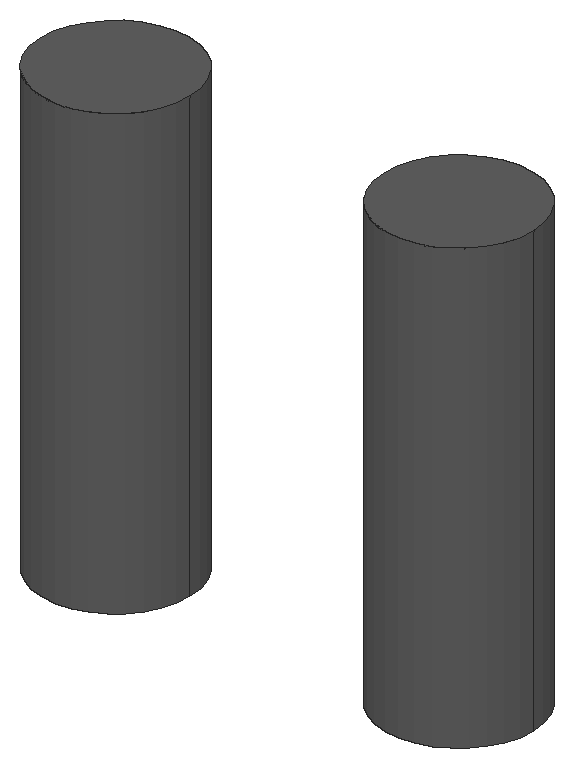
Revit family "5422110733(2023)", category Plumbing Fixtures, Revit 2020
Family settings
  Round Connector Dimension = Use Diameter
  Part Type = Normal
  OmniClass Number = 23.45.55.00
  OmniClass Title = Sanitary Faucets, Wastes
  Work Plane-Based = No
  Always vertical = Yes
  Cut with Voids When Loaded = No
  Shared = No
  Room Calculation Point = No
Parameters (values of type "5422110733 HANSAVANTIS Style")
  Working Pressure = "50 - 1000 kPa"
  WarrantyStartDate [instance] = "n/a"
  WarrantyGuarantorParts = "n/a"
  WarrantyGuarantorLabor = "n/a"
  WarrantyDurationUnit = "Year"
  WarrantyDurationParts = "n/a"
  WarrantyDurationLabor = "n/a"
  WarrantyDescription = "http://warranty.hansa.com"
  Warranty Information URL = "http://warranty.hansa.com"
  VersionDate = "17/01/2024"
  Version = "1"
  ValvePattern = "n/a"
  ValveOperation = "n/a"
  ValveMechanism = "n/a"
  Uniclass2015Reference = "Pr_40_20_87_96"
  Uniclass2015Description = "Washbasin manual water supply sets"
  Uniclass2 = "Pr_40_30_96_96"
  URL REACH = "http://static.hansa.com/doc/reach"
  URL EcoLabel Declaration = "http://static.hansa.com/doc/EcoLabel"
  URL EU Packaging Declaration = "http://static.hansa.com/doc/packaging"
  URL Declaration of SCIP = "http://static.hansa.com/doc/SCIP"
  URL Declaration of Conformity = "http://static.hansa.com/DoC/5422110733"
  URL Declaration of Asbestos = "http://static.hansa.com/doc/asbestos"
  URL Declaration Of Performance (DOP) = "http://static.hansa.com/doc/DoP"
  URL = ""
  UNSPSC Class Number = "30181700 Faucets or taps"
  TestPressure = "n/a"
  Temperature Adjustments = "Limitation option for maximum temperature and flow-rate "
  Technical DataSheet URL = "http://www.hansa.com/datasheet/5422110733/en"
  TagNumber [instance] = "n/a"
  SustainabilityPerformance = "n/a"
  Surface treatment = "Matt black"
  Spout Type = "Swivel spout"
  Spout Swivel Range = "120°"
  Spout Projection = "255 mm"
  Spare-Part Information URL = "http://static.hansa.com/sp/5422110733"
  Size = "54x261.5x338 mm"
  Shape = "Sculptured"
  SerialNumber [instance] = "n/a"
  Sales Package dimensions (LxWxH) = "508 x 249 x 96"
  Revision = "n/a"
  ReplacementCost = "n/a"
  ProductInformation = "Kitchen faucet with high spout"
  Product URL = "http://static.hansa.com/5422110733"
  Product Image URL = "http://static.hansa.com/image/5422110733"
  Product Family = "null Single-lever, side operated;Low pressure"
  Product Code = "5422110733"
  OperatingMechanismMaterial = "n/a"
  NominalWidth = 50 mm
  NominalHeight = 330 mm
  NominalDepth = 259 mm
  Noise Class = "I (ISO 3822)"
  Name_en = "5422110733 HANSAVANTIS Style"
  Name = "5422110733 HANSAVANTIS Style"
  NBSReference = "45-35-70/371"
  NBSDescription = "Water supply fittings for wash basins and troughs"
  ModelReference = "5422110733"
  ModelNumber = "n/a"
  Model = "5422110733 HANSAVANTIS Style"
  Mobile Product Information URL = "http://mpi.hansa.com/5422110733"
  Mechanical Parts = "30Cartridge"
  Max. Hot Water Supply = 70 °C
  Material = "Brass"
  Market = "International;Germany;Austria;Belgium;Netherlands;Czech Republic;Slovakia;Italy"
  ManufacturerURL = "http://www.hansa.com"
  ManufacturerName = "HANSA"
  Manufacturer = "HANSA"
  Lever Handle = "Single operating lever/handle;Pin shape;Hot/Cold symbols"
  Interactive AR View URL = "https://static.hansa.com/AR/5422110733"
  InstallationDate [instance] = "n/a"
  Installation and Maintenance Guide URL = "http://static.hansa.com/manual/5422110733"
  Installation Type = "Deck mounted"
  InletConnectionSize = 10 mm
  IfcExportType = "FAUCET"  # constant formula
  IfcExportAs = "IfcValveType"  # constant formula
  Group = "Sales item"
  Grade = "n/a"
  FlowCoefficient = 0
  Finish = "Polished"
  Features = "Kitchen faucet"
  FaucetMainMaterial = Matt black
  FDV Document URL = "http://www.hansa.com/datasheet/5422110733/en/fdv"
  ExpectedLife = "n/a"
  ETIM Class Number = "EC011431 Kitchen mixing tap"
  EAN Number = "4057304019876"
  DurationUnit = "Year"
  Dimension Drawing URL = "http://static.hansa.com/dimdrw/5422110733"
  Description = ""
  DefaultElevation [instance] = 900 mm
  Default Elevation = 0 mm
  Constituents = "n/a"
  Connection Size = "G3/8"
  Connection = "Flexible inlet pipes"
  Color = "Matt black"
  CodePerformance = "n/a"
  CloseOffRating = 0
  Catalog Drawing URL = "http://static.hansa.com/catdrw/5422110733"
  Brand = "HANSA"
  BodyMaterial = "Brass"
  Barcode [instance] = "n/a"
  BIMObjectName = "5422110733(2023)"
  Author = "BIMStone"
  AssetType = "Fixed"
  AssetIdentifier [instance] = "n/a"
  Aerator = "Standard aerator;Laminar stream"
  Advanced Features = "Inner body made of DZR brass"
  AccessibilityPerformance = "n/a"
  3D View = "https://static.hansa.com/AR/5422110733"
  2D/3D/BIM Files URL = "http://static.hansa.com/bim/5422110733"
Reference planes
  plane 1 "Center (Front/Back)": y = 0
  plane 2: z = 0
  plane 3 "Center (Left/Right)": x = 0
  plane 4: x = -25
  plane 5: z = 900
  plane 6: z = 870
  plane 7: x = 25
  plane 8: y = -259
  plane 9: z = 1230
  plane 10: x = 73.906
Forms (mm)
  Extrusion 1, solid, material "Matt black" <- "FaucetMainMaterial"
    sketch origin (0, 47.989, 0) x (1, 0, 0) y (0, 1, 0)
      loop
        circle (-11.5, -71.208) r 5
      loop
        circle (11.5, -71.208) r 5
    from 870 to 900
Dimensions and locks
  "DefaultElevation": plane 5 to level
  locked: plane 5 to plane 6 at 30
  equal spacing: plane 4, plane 3 "Center (Left/Right)", plane 7
  "NominalWidth": plane 4 to plane 7
  "NominalDepth": plane 8 to plane 1 "Center (Front/Back)"
  "NominalHeight": plane 9 to plane 5
  plane 4 to plane 10 = 98.906 mm
  "InletConnectionSize": diameter of Extrusion 1 sketch curve  (x2)
  aligned and locked: level to plane 2
  aligned and locked: plane 5 to Extrusion 1
  aligned and locked: Extrusion 1 to plane 6
  aligned and locked: nested 2 to plane 5
Automatic sketch dimensions
  plane 3 "Center (Left/Right)" to Extrusion 1 sketch curve = 11.5 mm
  Extrusion 1 sketch curve to plane 3 "Center (Left/Right)" = 11.5 mm
  plane 1 "Center (Front/Back)" to Extrusion 1 sketch curve = 23.219 mm  (x2)
Nested families
  nested 1: "Symbol" at (0, 0, 0), type "Symbol", detail levels coarse
  nested 2: "5422110733(2023)_p" at (0, 0, 900), Body <- "FaucetMainMaterial", type "5422110733(2023)_p"
    with Body Matt black
Connectors
  piping at (-11.5, -23.219, 870), diameter 10, driven by "InletConnectionSize"
    settings: on Extrusion 1, index 1, connector inside diameter 609.6 mm, connector length 0 mm, flow factor 0, pipe flow 0.0 L/s, pressure drop 0.0 Pa, fitting loss kfactor 0, connector angle 0.00°, fixture units 0, engagement length 0 mm, angle of deflection 0.00°, flow configuration 1, flow direction 1, fitting loss method 0, system type 19, joint type 0, gender type 0, connector reference index -1, connector utility 0, adjustable connector no, is connector primary yes, connector description ""
  piping at (11.5, -23.219, 870), diameter 10, driven by "InletConnectionSize"
    settings: on Extrusion 1, index 2, connector inside diameter 609.6 mm, connector length 0 mm, flow factor 0, pipe flow 0.0 L/s, pressure drop 0.0 Pa, fitting loss kfactor 0, connector angle 0.00°, fixture units 0, engagement length 0 mm, angle of deflection 0.00°, flow configuration 1, flow direction 1, fitting loss method 0, system type 20, joint type 0, gender type 0, connector reference index -1, connector utility 0, adjustable connector no, is connector primary no, connector description ""
Definition of nested family "Symbol"
  Reference planes
    plane 1: y = 0
    plane 2: x = 0
  Lines and regions (mm)
    detail lines
      curve 1: line (0, 0, 0) -> (0, -1.8, 0)
      curve 2: line (-0.4, -1.1, 0) -> (0.4, -1.1, 0)
      curve 3: line (-0.4, -1.4, 0) -> (0.4, -1.4, 0)
      curve 4: line (0.863, 0, 0) -> (-0.863, 0, 0)
      curve 5: circle (-1.163, 0, 0) r 0.3 normal (0, 0, -1)
      curve 6: circle (1.163, 0, 0) r 0.3 normal (0, 0, 1)
Definition of nested family "5422110733(2023)_p"
  Parameters
    Default Elevation = 0 mm
    Body [instance] = none
  Reference planes
    plane 1 "Center (Front/Back)": y = 0
    plane 2: z = 0
    plane 3 "Center (Left/Right)": x = 0
    plane 4: y = -259.041
    plane 5: z = 329.978
    plane 6: x = 73.906
    plane 7: x = -25.016
    plane 8: x = 25.016
  Forms (mm)
    Revolve 1, solid, material <- "Body", detail levels medium
      sketch origin (0, -25.106, 0) x (1, 0, 0) y (0, 0, 1)
        loop
          line (0, 0) -> (0, 119.955) -> (0, 155.995) -> (-12.03, 155.995)
          arc (-12.03, 155.995) -> (-13.262, 151.035) -> (-15.793, 146.595) r 18.682
          arc (-15.793, 146.595) -> (-19.386, 139.881) -> (-20.627, 132.367) r 23.353
          line (-20.627, 132.367) -> (-20.627, 4.978) -> (-23.539, 4.978)
          arc (-23.539, 4.978) -> (-24.583, 4.546) -> (-25.016, 3.501) r 1.477
          line (-25.016, 3.501) -> (-25.016, 0) -> (-23.227, 0) -> (0, 0)
        axis (0, 155.995) -> (0, 0)
      angle from 0 to 360
    Sweep 2, solid, material <- "Body", detail levels medium
      path origin (0, 0, 0) x (0, 1, 0) y (0, 0, 1)
        loop
          line (-24.168, 155.995) -> (-24.168, 287.084)
          arc (-24.168, 287.084) -> (-33.329, 309.199) -> (-55.444, 318.36) r 31.276
          line (-55.444, 318.36) -> (-213.11, 318.36)
          arc (-213.11, 318.36) -> (-233.231, 311.333) -> (-244.604, 293.308) r 32.323
          line (-244.604, 293.308) -> (-247.493, 280.796)
      profile origin (0, -24.168, 221.54) x (0, -1, 0) y (1, 0, 0)
        loop
          circle (0.937, 0) r 12.03
    Extrusion 3, solid, material <- "Body", detail levels medium
      sketch origin (0, -1.875, 5.625) x (0, 1, 0) y (0, 0, 1)
        loop
          circle (-23.35, 63.254) r 20
      from 0 to 73.906
    Revolve 4, solid, material <- "Body", detail levels medium
      sketch origin (68.39, -1.875, 5.625) x (0, 1, 0) y (0, 0, 1)
        loop
          line (-63.264, 132.518) -> (-30.764, 76.226) -> (-26.236, 78.84) -> (-57.737, 133.4)
          arc (-57.737, 133.4) -> (-58.951, 134.332) -> (-60.467, 134.132) r 1.999
          line (-60.467, 134.132) -> (-63.264, 132.518)
        axis (-63.264, 132.518) -> (-30.764, 76.226)
      angle from 0 to 360
    Extrusion 5, solid, material <- "Body", detail levels coarse
      sketch origin (0, 0, 0) x (1, 0, 0) y (0, 1, 0)
        loop
          line (-25.016, 0) -> (-25.016, -259.041) -> (73.906, -259.041) -> (73.906, 0) -> (-25.016, 0)
      from 0 to 329.978
  Cuts and joins
    joined: Revolve 1, Sweep 2, Extrusion 3, Revolve 4
  Lines and regions (mm)
    symbolic lines, detail levels medium+fine
      curve 1: line (0, 0, 0) -> (-25.016, 0, 0)
      curve 2: line (-11.88, 0, 318.671) -> (-11.88, 0, 156.039)
      curve 3: arc (0, 0, 329.964) -> (-8.363, 0, 326.867) -> (-11.88, 0, 318.671) r 11.307
      curve 4: line (0, 0, 0) -> (25.016, 0, 0)
      curve 5: line (11.88, 0, 318.671) -> (11.88, 0, 156.039)
      curve 6: arc (0, 0, 329.964) -> (8.363, 0, 326.867) -> (11.88, 0, 318.671) r 11.307
      curve 7: line (41.194, 0, 47.358) -> (27.225, 0, 47.358)
      curve 8: line (41.194, 0, 47.358) -> (41.194, 0, 48.505)
      curve 9: line (41.194, 0, 89.354) -> (26.3, 0, 89.354)
      curve 10: line (41.194, 0, 48.505) -> (43.515, 0, 49.171)
      curve 11: arc (43.515, 0, 49.171) -> (45.054, 0, 49.727) -> (46.503, 0, 50.486) r 12.11
      curve 13: line (72.352, 0, 47.387) -> (49.555, 0, 47.387)
      curve 14: arc (49.555, 0, 47.387) -> (48.783, 0, 47.572) -> (48.179, 0, 48.085) r 1.706
      curve 15: arc (48.179, 0, 48.085) -> (47.327, 0, 49.276) -> (46.503, 0, 50.486) r 63.042
      curve 16: arc (73.906, 0, 49.028) -> (73.482, 0, 47.873) -> (72.352, 0, 47.387) r 1.556
      curve 17: line (73.906, 0, 49.028) -> (73.906, 0, 135.708)
      curve 18: arc (73.906, 0, 135.708) -> (73.209, 0, 137.835) -> (71.387, 0, 139.135) r 3.591
      curve 19: arc (71.387, 0, 139.135) -> (68.253, 0, 139.524) -> (65.183, 0, 138.788) r 8.849
      curve 20: arc (65.183, 0, 138.788) -> (63.79, 0, 137.527) -> (63.431, 0, 135.683) r 2.975
      curve 21: line (63.431, 0, 135.683) -> (62.93, 0, 91.848)
      curve 22: line (43.166, 0, 89.375) -> (61.286, 0, 89.375)
      curve 23: arc (62.93, 0, 91.848) -> (62.871, 0, 91.088) -> (62.715, 0, 90.342) r 5.846
      curve 24: arc (62.715, 0, 90.342) -> (62.178, 0, 89.596) -> (61.286, 0, 89.375) r 1.334
      curve 25: line (43.166, 0, 89.375) -> (43.166, 0, 87.583)
      curve 28: line (43.166, 0, 87.583) -> (41.194, 0, 88.149)
      curve 29: line (41.194, 0, 88.149) -> (41.194, 0, 89.354)
      curve 32: arc (-11.579, -248.462, 0) -> (-8.121, -256.304, 0) -> (0, -259.041, 0) r 10.623
      curve 36: arc (11.579, -248.462, 0) -> (8.121, -256.304, 0) -> (0, -259.041, 0) r 10.623
      curve 39: line (41.2, -45.948, 0) -> (15.824, -45.948, 0)
      curve 41: line (41.2, -44.788, 0) -> (41.2, -45.948, 0)
      curve 42: line (43.192, -44.217, 0) -> (41.2, -44.788, 0)
      curve 43: line (43.192, -44.217, 0) -> (43.192, -45.522, 0)
      curve 44: arc (43.192, -45.522, 0) -> (43.316, -45.823, 0) -> (43.618, -45.947, 0) r 0.426
      curve 45: line (43.618, -45.947, 0) -> (63.077, -45.947, 0)
      curve 46: line (63.077, -45.947, 0) -> (63.393, -64.049, 0)
      curve 47: arc (63.393, -64.049, 0) -> (64.453, -66.968, 0) -> (67.082, -68.62, 0) r 4.781
      curve 48: arc (67.082, -68.62, 0) -> (71.491, -67.817, 0) -> (73.906, -64.042, 0) r 5.613
      curve 49: line (73.906, -64.042, 0) -> (73.906, -5.344, 0)
      curve 50: arc (73.906, -5.344, 0) -> (73.506, -4.376, 0) -> (72.538, -3.975, 0) r 1.368
      curve 51: line (72.538, -3.975, 0) -> (46.729, -3.975, 0)
      curve 52: arc (46.729, -3.975, 0) -> (46.155, -4.075, 0) -> (45.647, -4.361, 0) r 1.71
      curve 53: arc (45.647, -4.361, 0) -> (44.77, -5.137, 0) -> (43.956, -5.979, 0) r 14.938
      curve 54: line (41.2, -5.16, 0) -> (42.717, -5.538, 0)
      curve 55: arc (42.717, -5.538, 0) -> (43.348, -5.729, 0) -> (43.956, -5.979, 0) r 6.786
      curve 56: line (41.2, -5.16, 0) -> (41.2, -4.257, 0)
      curve 57: arc (41.2, -4.257, 0) -> (41.113, -4.047, 0) -> (40.902, -3.96, 0) r 0.298
      curve 58: line (40.902, -3.96, 0) -> (15.902, -3.96, 0)
      curve 65: line (0, 0, 0) -> (0, -50, 0)
      curve 66: line (0, -50, 0) -> (0, -50, 3.395)
      curve 67: line (0, -45.958, 4.978) -> (0, -48.458, 4.978)
      curve 68: arc (0, -48.458, 4.978) -> (0, -49.563, 4.512) -> (0, -50, 3.395) r 1.542
      curve 69: line (0, -45.958, 4.978) -> (0, -45.958, 93.762)
      curve 71: line (0, -45.958, 115.126) -> (0, -45.958, 128.827)
      curve 72: line (0, -45.958, 115.126) -> (0, -59.196, 138.054)
      curve 73: line (0, -45.958, 93.762) -> (0, -68.502, 133.164)
      curve 74: line (0, -62.19, 139.108) -> (0, -67.777, 135.883)
      curve 75: arc (0, -59.196, 138.054) -> (0, -60.451, 139.27) -> (0, -62.19, 139.108) r 2.09
      curve 76: arc (0, -67.777, 135.883) -> (0, -68.703, 134.674) -> (0, -68.502, 133.164) r 1.987
      curve 77: arc (0, -45.958, 128.827) -> (0, -44.433, 138.219) -> (0, -40.015, 146.646) r 29.684
      curve 78: arc (0, -40.015, 146.646) -> (0, -37.703, 151.087) -> (0, -36.945, 156.036) r 15.338
      curve 79: line (0, -36.945, 156.036) -> (0, -36.945, 287.447)
      curve 80: arc (0, -36.945, 287.447) -> (0, -42.352, 300.5) -> (0, -55.406, 305.907) r 18.461
      curve 81: line (0, -55.406, 305.907) -> (0, -214.795, 305.907)
      curve 82: arc (0, -214.795, 305.907) -> (0, -226.736, 301.515) -> (0, -232.984, 290.431) r 18.427
      curve 83: line (0, -232.984, 290.431) -> (0, -235.84, 278.061)
      curve 84: line (0, -235.84, 278.061) -> (0, -259.041, 283.417)
      curve 85: line (0, -256.259, 296.173) -> (0, -259.041, 284.119)
      curve 86: arc (0, -259.041, 284.119) -> (0, -259.081, 283.768) -> (0, -259.041, 283.417) r 1.561
      curve 87: arc (0, -213.582, 329.978) -> (0, -240.842, 320.551) -> (0, -256.259, 296.173) r 43.617
      curve 88: line (0, -213.582, 329.978) -> (0, -55.72, 329.978)
      curve 89: arc (0, -55.72, 329.978) -> (0, -25.509, 317.464) -> (0, -12.995, 287.253) r 42.725
      curve 90: line (0, -12.995, 287.253) -> (0, -12.995, 155.857)
      curve 91: arc (0, -12.995, 155.857) -> (0, -12.176, 150.915) -> (0, -9.806, 146.501) r 15.32
      curve 92: arc (0, -9.806, 146.501) -> (0, -5.345, 138.078) -> (0, -3.947, 128.65) r 28.182
      curve 93: line (0, -3.947, 128.65) -> (0, -3.947, 4.978)
      curve 94: line (0, -3.947, 4.978) -> (0, -1.363, 4.978)
      curve 95: arc (0, -1.363, 4.978) -> (0, -0.358, 4.537) -> (0, 0, 3.5) r 1.368
      curve 96: line (0, 0, 3.5) -> (0, 0, 0)
      curve 100: line (25.016, 0, 0) -> (25.016, 0, 3.474)
      curve 101: line (21.3, 0, 4.978) -> (23.659, 0, 4.978)
      curve 102: arc (23.659, 0, 4.978) -> (24.672, 0, 4.527) -> (25.016, 0, 3.474) r 1.364
      curve 103: line (-25.016, 0, 0) -> (-25.016, 0, 3.639)
      curve 104: line (-20.627, 0, 4.978) -> (-23.5, 0, 4.978)
      curve 105: arc (-23.5, 0, 4.978) -> (-24.511, 0, 4.595) -> (-25.016, 0, 3.639) r 1.527
      curve 106: line (-20.627, 0, 4.978) -> (-20.627, 0, 128.799)
      curve 107: arc (-20.627, 0, 128.799) -> (-19.142, 0, 138.762) -> (-14.815, 0, 147.859) r 34.16
      curve 108: arc (-14.815, 0, 147.859) -> (-12.839, 0, 151.767) -> (-11.88, 0, 156.039) r 17.74
      curve 109: line (21.3, 0, 4.978) -> (21.3, 0, 41.433)
      curve 110: arc (27.225, 0, 47.358) -> (23.035, 0, 45.623) -> (21.3, 0, 41.433) r 5.925
      curve 111: line (21.3, 0, 94.354) -> (21.3, 0, 129.354)
      curve 112: arc (21.3, 0, 94.354) -> (22.764, 0, 90.819) -> (26.3, 0, 89.354) r 5
      curve 113: arc (21.3, 0, 129.354) -> (19.722, 0, 138.734) -> (15.163, 0, 147.083) r 28.675
      curve 114: arc (15.163, 0, 147.083) -> (12.81, 0, 151.3) -> (11.88, 0, 156.039) r 15.386
      curve 123: arc (15.902, -3.96, 0) -> (13.914, -3.765, 0) -> (12.001, -3.188, 0) r 10.25
      curve 124: arc (15.824, -45.948, 0) -> (14.232, -46.132, 0) -> (12.724, -46.675, 0) r 6.974
      curve 125: line (-11.579, -47.19, 0) -> (-11.579, -248.462, 0)
      curve 126: arc (11.579, -47.312, 0) -> (12.155, -47.001, 0) -> (12.724, -46.675, 0) r 25.016
      curve 127: line (11.579, -47.312, 0) -> (11.579, -248.462, 0)
      curve 129: arc (12.001, -3.067, 0) -> (-22.063, -13.225, 0) -> (-11.579, -47.19, 0) r 25.016
    symbolic lines, detail levels fine
      curve 12: line (41.194, 0, 48.505) -> (41.194, 0, 88.149)
      curve 26: arc (43.166, 0, 59.375) -> (43.314, 0, 57.928) -> (43.752, 0, 56.542) r 7.131
      curve 27: arc (43.752, 0, 56.542) -> (45.101, 0, 53.502) -> (46.503, 0, 50.486) r 186.065
      curve 30: line (43.166, 0, 87.583) -> (43.166, 0, 59.375)
      curve 31: line (-11.579, -43.321, 0) -> (-11.579, -47.19, 0)
      curve 33: line (-11.579, -43.321, 0) -> (-11.579, -23.321, 0)
      curve 34: arc (-11.579, -23.321, 0) -> (-8.185, -15.148, 0) -> (0, -11.782, 0) r 11.539
      curve 35: line (11.579, -43.321, 0) -> (11.579, -44.492, 0)
      curve 37: line (11.579, -43.321, 0) -> (11.579, -23.321, 0)
      curve 38: arc (11.579, -23.321, 0) -> (8.185, -15.148, 0) -> (0, -11.782, 0) r 11.539
      curve 40: line (11.579, -44.492, 0) -> (11.579, -47.312, 0)
      curve 59: line (41.2, -5.16, 0) -> (41.2, -44.788, 0)
      curve 60: line (63.077, -45.947, 0) -> (62.942, -38.181, 0)
      curve 61: arc (62.942, -38.181, 0) -> (63.837, -35.378, 0) -> (66.251, -33.696, 0) r 4.586
      curve 62: arc (66.251, -33.696, 0) -> (70.938, -34.207, 0) -> (73.906, -37.87, 0) r 6.192
      curve 63: line (43.192, -44.217, 0) -> (43.192, -7.885, 0)
      curve 64: arc (43.192, -7.885, 0) -> (43.39, -6.858, 0) -> (43.956, -5.979, 0) r 2.759
      curve 70: line (0, -45.958, 93.762) -> (0, -45.958, 115.126)
      curve 97: line (0, -3.947, 4.978) -> (0, -45.958, 4.978)
      curve 98: line (0, -234.796, 282.585) -> (0, -258.151, 287.977)
      curve 99: spline (11.88, 0, 280.681) -> (11.475, 0, 281.427) -> (10.289, 0, 282.122) -> (8.401, 0, 282.719) -> (5.94, 0, 283.177) -> (3.075, 0, 283.465) -> (0, 0, 283.563) -> (-3.075, 0, 283.465) -> (-5.94, 0, 283.177) -> (-8.401, 0, 282.719) -> (-10.289, 0, 282.122) -> (-11.475, 0, 281.427) -> (-11.88, 0, 280.681) -> (-11.475, 0, 279.935) -> (-10.289, 0, 279.24) -> (-8.401, 0, 278.643) -> (-5.94, 0, 278.184) -> (-3.075, 0, 277.897) -> (0, 0, 277.798) -> (3.075, 0, 277.897) -> (5.94, 0, 278.184) -> (8.401, 0, 278.643) -> (10.289, 0, 279.24) -> (11.475, 0, 279.935) -> (11.88, 0, 280.681)
      curve 115: arc (-11.235, 0, 286.188) -> (-5.742, 0, 287.963) -> (0, 0, 288.563) r 27.754
      curve 116: arc (-11.88, 0, 285.187) -> (-11.707, 0, 285.784) -> (-11.235, 0, 286.188) r 1.084
      curve 117: arc (11.235, 0, 286.188) -> (5.742, 0, 287.963) -> (0, 0, 288.563) r 27.754
      curve 118: arc (11.88, 0, 285.187) -> (11.707, 0, 285.784) -> (11.235, 0, 286.188) r 1.084
      curve 119: line (-20.627, 0, 4.978) -> (21.3, 0, 4.978)
      curve 120: line (22.764, 0, 90.819) -> (6.309, 0, 74.363)
      curve 121: line (23.035, 0, 45.623) -> (6.309, 0, 62.349)
      curve 122: arc (6.309, 0, 74.363) -> (3.821, 0, 68.356) -> (6.309, 0, 62.349) r 8.495
      curve 128: arc (12.724, -46.675, 0) -> (25.012, -24.721, 0) -> (12.001, -3.188, 0) r 25.016
  Dimensions and locks
    aligned and locked: level to plane 2
